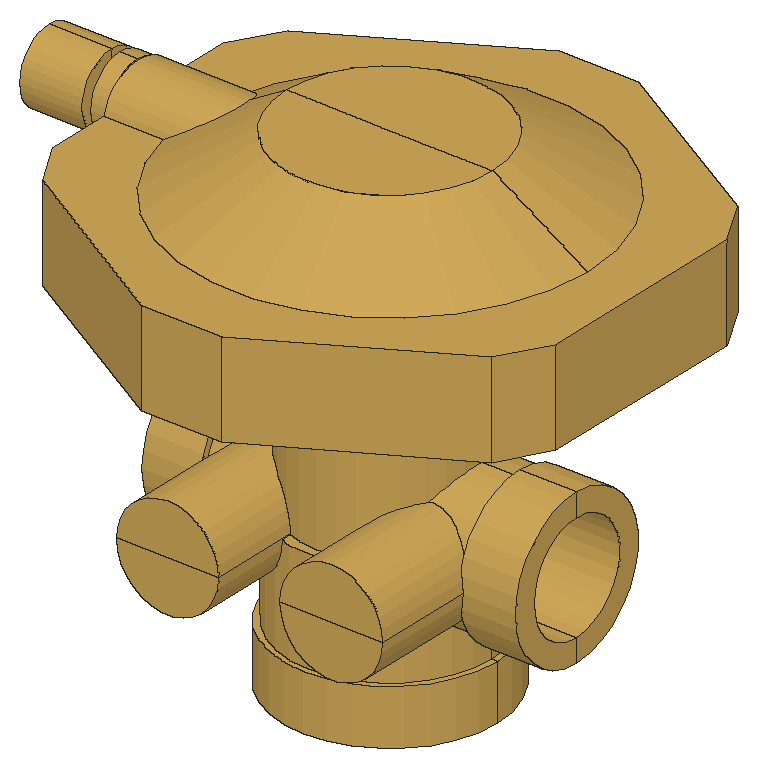
Revit family "Differenzdruckregler 4202 FIX TS 23kPa", category Rohrzubehör, Revit 2021
Family settings
  Bemaßung runder Anschluss = Durchmesser verwenden
  Teiletyp = Unterbricht
  OmniClass-Nummer = 23.65.55.14
  OmniClass-Titel = Valves for Liquid Services
  Arbeitsebenenbasiert = Nein
  Immer vertikal = Ja
  Beim Laden mit Abzugskörper schneiden = Nein
  Gemeinsam genutzt = Nein
Parameters (values of type "Ohne Dämmung")
  y2 [instance] = K14 + K9 + H01  # 49.149 mm
  y1 [instance] = (R03 * 2) + R05  # 66.000 mm
  Vorgabe-Ansicht = 0.000 mm
  Min. Betriebstemperatur (Frostschutz) = -20 °C  # constant formula
  Max. zulässige Betriebstemperatur bis DN32 = 130 °C  # constant formula
  Max. zulässige Betriebstemperatur DN40 - DN50 = 110 °C  # constant formula
  Max. Differenzdruck am Gehäuse = 400000.0 Pa  # constant formula
  Max. Betriebsdruck = 2500000.0 Pa  # constant formula
  Ventilschaft = "Edelstahl 14301"  # constant formula
  URL = "www.herz-armaturen.at"
  SCRNSEQ = "ARM;ARM_TYP=\"DIFR\";2"
  SCRNCODE = "05;03;4"  # constant formula
  S06 [instance] = 1.000 mm  # constant formula
  S05 [instance] = S01 - 1.000 mm  # 16.250 mm
  S04 [instance] = S02 - 1.000 mm  # 18.000 mm
  S03 [instance] = size_lookup("4202_FIX_TS_23", "S03", 26.500 mm, Nennweite)  # 25.600 mm
  S02 [instance] = size_lookup("4202_FIX_TS_23", "S02", 19.000 mm, Nennweite)  # 19.000 mm
  S01 [instance] = size_lookup("4202_FIX_TS_23", "S01", 17.250 mm, Nennweite)  # 17.250 mm
  Regleranschlussmutter = "Messing CW614N"  # constant formula
  Regelbereich = "FIX 23kPa"  # constant formula
  R06 [instance] = size_lookup("4202_FIX_TS_23", "R06", 14.500 mm, Nennweite)  # 14.500 mm
  R05 [instance] = size_lookup("4202_FIX_TS_23", "R05", 46.000 mm, Nennweite)  # 46.000 mm
  R04 [instance] = size_lookup("4202_FIX_TS_23", "R04", 12.500 mm, Nennweite)  # 12.500 mm
  R03 [instance] = size_lookup("4202_FIX_TS_23", "R03", 10.000 mm, Nennweite)  # 10.000 mm
  R02 = 14.500 mm  # constant formula
  R01 [instance] = size_lookup("4202_FIX_TS_23", "R01", 12.500 mm, Nennweite)  # 12.500 mm
  Min. Betriebstemperatur (reines Wasser) = 2 °C  # constant formula
  O-Ringe = "EPDM"  # constant formula
  Nennweite [instance] = 15.000 mm
  Membrangehäuse = "Messing CW602N"  # constant formula
  Membrane = "EPDM"  # constant formula
  Medium = "Wasserbeschaffenheit nach ÖNORM H 5195 und VDI 2035\r\nDie Verwendung von Ethylen- und Propylenglykol ist im\r\nMischungsverhältnis 25 - 50 Vol.-% zulässig."
  L2 [instance] = size_lookup("4202_FIX_TS_23", "L2", 161.000 mm, Nennweite)  # 161.000 mm
  L [instance] = size_lookup("4202_FIX_TS_23", "L", 66.000 mm, Nennweite)  # 66.000 mm
  K9 = 4.000 mm  # constant formula
  K8 = 55.000 mm  # constant formula
  K7 = 8.700 mm  # constant formula
  K6 = 11.700 mm  # constant formula
  K5 = 13.000 mm  # constant formula
  K4 = 12.000 mm  # constant formula
  K3 = 15.000 mm  # constant formula
  K2 = 2.350 mm  # constant formula
  K18 = 89.000 mm  # constant formula
  K17 = 66.700 mm  # constant formula
  K16 = 3.000 mm  # constant formula
  K15 = 26.649 mm  # constant formula
  K14 = 16.649 mm  # constant formula
  K13 = 16.649 mm  # constant formula
  K12 = 10.000 mm  # constant formula
  K11 = 35.000 mm  # constant formula
  K10 = 18.250 mm  # constant formula
  K1.1 = 2.350 mm  # constant formula
  K1 = 7.651 mm  # constant formula
  J9 = 15.700 mm  # constant formula
  J8 = 7.850 mm  # constant formula
  J7 = 15.897 mm  # constant formula
  J6 = 3.900 mm  # constant formula
  J5 = 6.500 mm  # constant formula
  J4 = 1.500 mm  # constant formula
  J3 = 3.200 mm  # constant formula
  J2 = 11.000 mm  # constant formula
  J11 = 3.500 mm  # constant formula
  J10 = 18.897 mm  # constant formula
  J1 = 6.500 mm  # constant formula
  Hersteller = "HERZ-Armaturen Ges.m.b.H"  # constant formula
  H2 [instance] = size_lookup("4202_FIX_TS_23", "H2", 28.000 mm, Nennweite)  # 28.000 mm
  H1 [instance] = K1 + K2 + K3 + K4 + K5 + K7 + K8 + K16 + 16.650 mm  # 133.351 mm
  H04 = 4.000 mm  # constant formula
  H03 = 9.800 mm  # constant formula
  H02 [instance] = size_lookup("4202_FIX_TS_23", "H02", 53.000 mm, Nennweite)  # 53.000 mm
  H01 [instance] = size_lookup("4202_FIX_TS_23", "H01", 25.000 mm, Nennweite)  # 28.500 mm
  Gehäuse = "DZR Messing CC770S"  # constant formula
  G03 [instance] = size_lookup("4202_FIX_TS_23", "G03", 13.200 mm, Nennweite)  # 13.200 mm
  G02 [instance] = size_lookup("4202_FIX_TS_23", "G02", 9.500 mm, Nennweite)  # 9.500 mm
  G01 [instance] = size_lookup("4202_FIX_TS_23", "G01", 13.500 mm, Nennweite)  # 13.500 mm
  Hinweise zum Material = "Gemäß Art 33 der REACH-Verordnung (EG Nr. 1907/2006) sind wir verpflichtet, darauf hinzuweisen,\r\ndass der Stoff Blei auf der SVHC-Liste geführt wird und dass alle aus Messing bestehenden Bauteile,\r\ndie in unseren Erzeugnissen verarbeitet sind, mehr als 0,1 % (w/w) Blei (CAS: 7439-92-1 / EINECS:\r\n231-100-4) enthalten. Da Blei als Legierungsbestandteil fest gebunden ist, sind keine Expositionen zu\r\nerwarten und daher sind keine zusätzlichen Angaben zur sicheren Verwendung notwendig.\r\n\r\nIm Hanf enthaltenes Ammoniak schädigt\r\nMessingventilgehäuse, EPDM Dichtungen werden durch\r\nMineralöle bzw. mineralölhaltige Schmierstoffe aufgequollen\r\nund führen somit zum Ausfall der EPDM-Dichtungen. Für\r\nFrost- und Korrosionsschutzmittel auf der Basis von Ethylen- und Propylenglykol sind die entsprechenden\r\nAngaben den Unterlagen des Herstellers zu entnehmen."
  Dämmung = no
  Dämmschale = "EPP (expandiertes Polypropylen)"  # constant formula
  Druckfeder = "Federstahl, rost-und säurebeständig"  # constant formula
  DN50 [instance] = Nennweite = 50.000 mm  # no
  DN40 [instance] = Nennweite = 40.000 mm  # no
  DN32-40 [instance] = or(Nennweite = 32.000 mm, Nennweite = 40.000 mm)  # no
  DN32 [instance] = Nennweite = 32.000 mm  # no
  DN25,32,40 [instance] = or(Nennweite = 25.000 mm, Nennweite = 32.000 mm, Nennweite = 40.000 mm)  # no
  DN25 [instance] = Nennweite = 25.000 mm  # no
  DN20 [instance] = Nennweite = 20.000 mm  # no
  DN15-25 [instance] = or(Nennweite = 15.000 mm, Nennweite = 20.000 mm, Nennweite = 25.000 mm)  # yes
  DN15,20,50 [instance] = or(Nennweite = 15.000 mm, Nennweite = 20.000 mm, Nennweite = 50.000 mm)  # yes
  DN15 [instance] = Nennweite = 15.000 mm  # yes
  D07 [instance] = if(Nennweite = 15.000 mm, 32.500 mm, if(Nennweite = 20.000 mm, 33.500 mm, if(Nennweite = 25.000 mm, 33.500 mm, if(Nennweite = 32.000 mm, 49.500 mm, if(Nennweite = 40.000 mm, 59.500 mm, if(Nennweite = 50.000 mm, 59.500 mm, 0.000 mm))))))  # 32.500 mm
  D06 [instance] = if(Nennweite = 15.000 mm, 32.500 mm, if(Nennweite = 20.000 mm, 33.500 mm, if(Nennweite = 25.000 mm, 33.500 mm, if(Nennweite = 32.000 mm, 49.500 mm, if(Nennweite = 40.000 mm, 59.500 mm, if(Nennweite = 50.000 mm, 59.500 mm, 0.000 mm))))))  # 32.500 mm
  D05 [instance] = if(Nennweite = 15.000 mm, 36.750 mm, if(Nennweite = 20.000 mm, 40.700 mm, if(Nennweite = 25.000 mm, 49.200 mm, if(Nennweite = 32.000 mm, 54.150 mm, if(Nennweite = 40.000 mm, 60.750 mm, if(Nennweite = 50.000 mm, 72.700 mm, 0.000 mm))))))  # 36.750 mm
  D04 [instance] = if(Nennweite = 15.000 mm, 78.500 mm, if(Nennweite = 20.000 mm, 82.000 mm, if(Nennweite = 25.000 mm, 84.000 mm, if(Nennweite = 32.000 mm, 120.000 mm, if(Nennweite = 40.000 mm, 130.000 mm, if(Nennweite = 50.000 mm, 130.500 mm, 0.000 mm))))))  # 78.500 mm
  D03 [instance] = if(Nennweite = 15.000 mm, 96.000 mm, if(Nennweite = 20.000 mm, 110.000 mm, if(Nennweite = 25.000 mm, 112.000 mm, if(Nennweite = 32.000 mm, 152.000 mm, if(Nennweite = 40.000 mm, 170.000 mm, if(Nennweite = 50.000 mm, 179.000 mm, 0.000 mm))))))  # 96.000 mm
  D02 [instance] = size_lookup("4202_FIX_TS_23", "R05", 41.000 mm, Nennweite)  # 46.000 mm
  D01 [instance] = size_lookup("4202_FIX_TS_23", "G01", 13.220 mm, Nennweite)  # 13.500 mm
  Bestellnummer Dämmung [instance] = if(and(Dämmung, Nennweite = 15.000 mm), 1409611, if(and(Dämmung, Nennweite = 20.000 mm), 1409612, if(and(Dämmung, Nennweite = 25.000 mm), 1409613, if(and(Dämmung, Nennweite = 32.000 mm), 1409614, if(and(Dämmung, Nennweite = 40.000 mm), 1409615, if(and(Dämmung, Nennweite = 50.000 mm), 1409616, 0))))))  # 0
  Bestellnummer [instance] = if(Nennweite = 15.000 mm, 1420281, if(Nennweite = 20.000 mm, 1420282, if(Nennweite = 25.000 mm, 1420283, if(Nennweite = 32.000 mm, 1420284, if(Nennweite = 40.000 mm, 1420285, if(Nennweite = 50.000 mm, 1420286, 0))))))  # 1420281
  B2 [instance] = size_lookup("4202_FIX_TS_23", "B2", 31.000 mm, Nennweite)  # 31.000 mm
  B1 [instance] = size_lookup("4202_FIX_TS_23", "B1", 26.000 mm, Nennweite)  # 26.000 mm
  B04 = 100.649 mm  # constant formula
  B03 = 44.500 mm  # constant formula
  B02 = 104.688 mm  # constant formula
  B01 = 10.000 mm  # constant formula
  Anwendungsgebiet = "Der Differenzdruckregler ist ein Regler mit linearer Kennlinie in Geradsitzausführung und arbeitet ohne Hilfsenergie. Der Differenzdruck-Sollwert beträgt 23 kPa, 50 kPa bzw 13 kPa. Im Lieferumfang enthalten ist die Impulsleitung (1000 mm), diese ist mit einem Strangregulierventil im Vorlauf zu verbinden."
  Anschlussnippel = "Messing CW602N"  # constant formula
  Anschlussgewinde für Antrieb = "Messing CW602N"  # constant formula
Types (2, lengths in mm): name | Dämmung | Bestellnummer Dämmung
  Ohne Dämmung | no | 0
  Mit Dämmung | yes | 1409611
Reference planes
  plane 1 "Mitte (Vorne/hinten)": y = 0
  plane 2: z = 0
  plane 3 "Mitte (Links/rechts)": x = 0
Forms (mm)
  Revolve 1, solid, material "Messing, weicher Gelbton, geschweißt", detail levels fine
    sketch origin (0, 0, 0) x (1, 0, 0) y (0, 0, 1)
      loop
        line (-19.8, 0) -> (19.8, 0) -> (19.8, 9.5) -> (33, 9.5) -> (33, 13.5) -> (23, 13.5) -> (23, 12.5) -> (-23, 12.5) -> (-23, 13.5) -> (-33, 13.5) -> (-33, 9.5) -> (-19.8, 9.5) -> (-19.8, 0)
      axis (-33, 0) -> (33, 0)
    angle from 0 to 360
  Revolve 2, solid, material "Messing, weicher Gelbton, geschweißt", detail levels fine
    sketch origin (0, 0, 0) x (1, 0, 0) y (0, 0, 1)
      loop
        line (0, -28) -> (0, 0) -> (-18, 0) -> (-18, -18.2) -> (-19, -18.2) -> (-19, -28) -> (0, -28)
      axis (0, 0) -> (0, -28)
    angle from 0 to 360
  Extrusion 3, solid, material "Messing, weicher Gelbton, geschweißt", detail levels fine
    sketch origin (0, 0, 0) x (0, -1, 0) y (1, 0, 0)
      loop
        line (-46, -7.038) -> (-27.114, -39.75) -> (-18.886, -44.5) -> (18.886, -44.5) -> (27.114, -39.75) -> (46, -7.038) -> (46, 7.038) -> (27.114, 39.75) -> (18.886, 44.5) -> (-18.886, 44.5) -> (-27.114, 39.75) -> (-46, 7.038) -> (-46, -7.038)
    from 32.5 to 49.149
  Revolve 4, solid, material "Messing, weicher Gelbton, geschweißt", detail levels fine
    sketch origin (0, 0, -7.051) x (1, 0, 0) y (0, 0, 1)
      loop
        line (0, 56.2) -> (0, 66.2) -> (-18.25, 66.2) -> (-35, 56.2) -> (0, 56.2)
      axis (0, 66.2) -> (0, 56.2)
    angle from 0 to 360
  Revolve 5, solid, material "Messing, weicher Gelbton, geschweißt", visible <- "DN15-25", detail levels fine
    sketch origin (-11, 0, 0) x (1, 0, 0) y (0, 1, 0)
      loop
        line (-1.5, 26) -> (-9.2, 26) -> (-9.2, 0) -> (-1.5, 0) -> (-1.5, 26)
      axis (-1.5, 0) -> (-1.5, 26)
    angle from 0 to 360
  Revolve 6, solid, material "Messing, weicher Gelbton, geschweißt", detail levels fine
    sketch origin (-0.988, 0, -6.853) x (-1, 0, 0) y (0, 0, 1)
      loop
        line (43.5, 55.25) -> (59.2, 55.25) -> (59.2, 61.75) -> (48.2, 61.75) -> (48.2, 59.15) -> (46.7, 59.15) -> (46.7, 61.75) -> (43.5, 61.75) -> (43.5, 55.25)
      axis (43.5, 55.25) -> (59.2, 55.25)
    angle from 0 to 360
  Extrusion 7, solid, material "Messing, weicher Gelbton, geschweißt", detail levels fine
    sketch origin (0, 0, 0) x (0, 1, 0) y (0, 0, -1)
      loop
        line (7.85, -47.047) -> (7.85, -36) -> (-7.85, -36) -> (-7.85, -47.047)
        arc (-7.85, -47.047) -> (0, -54.897) -> (7.85, -47.047) r 7.85
    from 0 to 44.5
  Revolve 8, solid, material "Messing, weicher Gelbton, geschweißt", visible <- "DN15-25", detail levels fine
    sketch origin (-2, 0, 0) x (1, 0, 0) y (0, 1, 0)
      loop
        line (-12.5, 0) -> (-21.5, 0) -> (-21.5, -31) -> (-12.5, -31) -> (-12.5, 0)
      axis (-12.5, 0) -> (-12.5, -31)
    angle from 0 to 360
  Revolve 9, solid, material "Messing, weicher Gelbton, geschweißt", visible <- "DN15-25", detail levels fine
    sketch origin (2, 0, 0) x (1, 0, 0) y (0, 1, 0)
      loop
        line (12.5, 0) -> (12.5, -31) -> (21.6, -31) -> (21.6, 0) -> (12.5, 0)
      axis (12.5, 0) -> (12.5, -31)
    angle from 0 to 360
  Extrusion 10, solid, material "Messing, weicher Gelbton, geschweißt", visible <- "DN32", detail levels fine
    sketch origin (-31.5, 0, 0) x (1, 0, 0) y (0, 1, 0)
      loop
        circle (63, 0) r 6.578
      loop
        circle (63, 0) r 3.28
    from -47 to 0
  Extrusion 11, solid, material "Messing, weicher Gelbton, geschweißt", visible <- "DN32", detail levels fine
    sketch origin (31.5, 0, 0) x (-1, 0, 0) y (0, -1, 0)
      loop
        circle (63, 0) r 6.578
      loop
        circle (63, 0) r 3.28
    from -47 to 0
  Revolve 12, solid, material "Messing, weicher Gelbton, geschweißt", detail levels fine
    sketch origin (0, 0, 0) x (1, 0, 0) y (0, 0, 1)
      loop
        line (-16.25, 0) -> (0, 0) -> (0, 32.5) -> (-12.25, 32.5) -> (-12.25, 28.5) -> (-17.25, 28.5) -> (-17.25, 18.7) -> (-16.25, 18.7) -> (-16.25, 0)
      axis (0, 32.5) -> (0, 0)
    angle from 0 to 360
  Extrusion 13, solid, material "Messing, weicher Gelbton, geschweißt", visible <- "DN40", detail levels fine
    sketch origin (29.382, 0, 0) x (-1, 0, 0) y (0, -1, 0)
      loop
        circle (63, 0) r 6.578
      loop
        circle (63, 0) r 3.28
    from -58 to 0
  Extrusion 14, solid, material "Messing, weicher Gelbton, geschweißt", visible <- "DN40", detail levels fine
    sketch origin (-29.455, 0, 0) x (1, 0, 0) y (0, 1, 0)
      loop
        circle (63, 0) r 6.578
      loop
        circle (63, 0) r 3.28
    from -58 to 0
  Extrusion 15, solid, material "Messing, weicher Gelbton, geschweißt", visible <- "DN50", detail levels fine
    sketch origin (28.422, 0, 0) x (-1, 0, 0) y (0, -1, 0)
      loop
        circle (63, 0) r 6.578
      loop
        circle (63, 0) r 3.28
    from -58 to 0
  Extrusion 16, solid, material "Messing, weicher Gelbton, geschweißt", visible <- "DN50", detail levels fine
    sketch origin (-28.422, 0, 0) x (1, 0, 0) y (0, 1, 0)
      loop
        circle (63, 0) r 6.578
      loop
        circle (63, 0) r 3.28
    from -58 to 0
  Revolve 17, solid, material "Messing, weicher Gelbton, geschweißt", visible <- "DN32-40", detail levels fine
    sketch origin (-11, 0, 0) x (1, 0, 0) y (0, 1, 0)
      loop
        line (-1.5, -26) -> (-1.5, 0) -> (-9.2, 0) -> (-9.2, -26) -> (-1.5, -26)
      axis (-1.5, 0) -> (-1.5, -26)
    angle from 0 to 360
  Revolve 18, solid, material "Kunststoff-Anthrazit/Schwarz", visible <- "Dämmung"
    sketch origin (0, 0, 0) x (1, 0, 0) y (0, 0, 1)
      loop
        line (48, 32.5) -> (-48, 32.5) -> (-48, 13.5) -> (-23, 13.5) -> (-23, 0) -> (0, 0) -> (23, 0) -> (23, 13.5) -> (48, 13.5) -> (48, 32.5)
      axis (-48, 0) -> (48, 0)
    angle from 0 to 360
  Revolve 19, solid, material "Kunststoff-Anthrazit/Schwarz", visible <- "Dämmung"
    sketch origin (0, 0, 0) x (1, 0, 0) y (0, 0, 1)
      loop
        line (0, -46) -> (36.75, -46) -> (36.75, 32.5) -> (0, 32.5) -> (0, -46)
      axis (0, 32.5) -> (0, -46)
    angle from 0 to 360
Lines and regions (mm)
  model lines, detail levels coarse+medium
    curve 1: line (33, -13.5, 0) -> (33, 13.5, 0)
    curve 2: line (33, 13.5, 0) -> (-33, -13.5, 0)
    curve 3: line (-33, -13.5, 0) -> (-33, 13.5, 0)
    curve 4: line (-33, 13.5, 0) -> (33, -13.5, 0)
    curve 5: line (0, -18.5, 0) -> (0, -32.5, 0)
    curve 6: spline (-44.5, -40.824, 0) -> (-42.984, -38.67, 0) -> (-38.538, -36.662, 0) -> (-31.466, -34.938, 0) -> (-22.25, -33.615, 0) -> (-11.517, -32.784, 0) -> (0, -32.5, 0) -> (11.517, -32.784, 0) -> (22.25, -33.615, 0) -> (31.466, -34.938, 0) -> (38.538, -36.662, 0) -> (42.984, -38.67, 0) -> (44.5, -40.825, 0) -> (42.984, -42.979, 0) -> (38.538, -44.987, 0) -> (31.466, -46.711, 0) -> (22.25, -48.034, 0) -> (11.517, -48.865, 0) -> (0, -49.149, 0) -> (-11.517, -48.865, 0) -> (-22.25, -48.034, 0) -> (-31.466, -46.711, 0) -> (-38.538, -44.987, 0) -> (-42.984, -42.979, 0) -> (-44.5, -40.824, 0)
    curve 7: line (0, 0, 13.5) -> (0, 0, 32.5)
    curve 8: spline (-44.5, 0, 40.825) -> (-42.984, 0, 42.979) -> (-38.538, 0, 44.987) -> (-31.466, 0, 46.711) -> (-22.25, 0, 48.034) -> (-11.517, 0, 48.865) -> (0, 0, 49.149) -> (11.517, 0, 48.865) -> (22.25, 0, 48.034) -> (31.466, 0, 46.711) -> (38.538, 0, 44.987) -> (42.984, 0, 42.979) -> (44.5, 0, 40.824) -> (42.984, 0, 38.67) -> (38.538, 0, 36.662) -> (31.466, 0, 34.938) -> (22.25, 0, 33.615) -> (11.517, 0, 32.784) -> (0, 0, 32.5) -> (-11.517, 0, 32.784) -> (-22.25, 0, 33.615) -> (-31.466, 0, 34.938) -> (-38.538, 0, 36.662) -> (-42.984, 0, 38.67) -> (-44.5, 0, 40.825)
    curve 9: line (0, 0, 13.5) -> (16.5, 0, 6.75)
    curve 10: line (0, 0, 13.5) -> (-16.5, 0, 6.75)
    curve 11: line (0, -18.5, 0) -> (-6.483, -2.652, 0)
    curve 12: line (0, -18.5, 0) -> (6.483, -2.652, 0)
    curve 13: line (-33, 0, 13.5) -> (33, 0, -13.5)
    curve 14: line (33, 0, -13.5) -> (33, 0, 13.5)
    curve 15: line (33, 0, 13.5) -> (-33, 0, -13.5)
    curve 16: line (-33, 0, -13.5) -> (-33, 0, 13.5)
Dimensions and locks
  "G01": Revolve 1 sketch curve to Revolve 1 sketch curve  (x2)
  "R01": Revolve 1 sketch curve to Revolve 1 sketch curve
  "R03": Revolve 1 sketch curve to Revolve 1 sketch curve  (x2)
  "K10": Revolve 4 sketch curve to Revolve 4 sketch curve
  "K11": Revolve 4 sketch curve to Revolve 4 sketch curve
  "B1": Revolve 5 sketch curve to Revolve 5 sketch curve
  "J1": Revolve 6 sketch curve to Revolve 6 sketch curve
  "J3": Revolve 6 sketch curve to Revolve 6 sketch curve
  "J4": Revolve 6 sketch curve to Revolve 6 sketch curve
  "J2": Revolve 6 sketch curve to Revolve 6 sketch curve
  "J5": Revolve 6 sketch curve to Revolve 6 sketch curve
  "J6": Revolve 6 sketch curve to Revolve 6 sketch curve
  "H2": plane 2 to Revolve 2 sketch curve
  "H03": Revolve 2 sketch curve to Revolve 2 sketch curve
  "S02": plane 3 "Mitte (Links/rechts)" to Revolve 2 sketch curve
  "B02": Revolve 6 to Extrusion 3
  "B03": Extrusion 3 to plane 3 "Mitte (Links/rechts)"
  "R04": Revolve 5 sketch curve to plane 3 "Mitte (Links/rechts)"
  "K12": Revolve 4 sketch curve to Revolve 4 sketch curve
  "K13": Revolve 4 sketch curve to Extrusion 3
  "K14": Extrusion 3 to Extrusion 3
  "R05": Revolve 1 sketch curve to Revolve 1 sketch curve
  equal spacing: Revolve 1 sketch curve, plane 3 "Mitte (Links/rechts)", Revolve 1 sketch curve
  "B2": plane 1 "Mitte (Vorne/hinten)" to Revolve 8 sketch curve
  "B2": Revolve 9 sketch curve to plane 1 "Mitte (Vorne/hinten)"
  "R06": Revolve 8 sketch curve to plane 3 "Mitte (Links/rechts)"
  "R06": plane 3 "Mitte (Links/rechts)" to Revolve 9 sketch curve
  "S01": Revolve 12 sketch curve to plane 3 "Mitte (Links/rechts)"
  "S05": plane 3 "Mitte (Links/rechts)" to Revolve 12 sketch curve
  "H04": Revolve 12 sketch curve to Revolve 12 sketch curve
  "H03": Revolve 12 sketch curve to Revolve 12 sketch curve
  "H01": Revolve 12 sketch curve to plane 2
  "K9": Extrusion 3 to Revolve 12
  "S06": Revolve 2 sketch curve to Revolve 2 sketch curve
  "J7": Revolve 6 sketch curve to Extrusion 3
  "J9": Extrusion 7 sketch curve to Extrusion 7 sketch curve
  "J10": Revolve 6 to Extrusion 7 sketch curve
  "J11": Extrusion 7 sketch curve to Extrusion 3
  "K18": Extrusion 3 to Extrusion 3
  "K18": curve 8 to curve 8
  "G01": curve 10 to plane 2
  "K14": curve 8 to curve 8
  "y2": curve 8 to plane 2
  "G01": plane 1 "Mitte (Vorne/hinten)" to curve 4
  "G01": curve 3 to plane 1 "Mitte (Vorne/hinten)"
  equal spacing: curve 3, curve 8, curve 1
  equal spacing: curve 3, curve 12, curve 1
  "y1": curve 3 to curve 1
  "G01": plane 1 "Mitte (Vorne/hinten)" to curve 2
  "G01": curve 4 to plane 1 "Mitte (Vorne/hinten)"
  "K18": curve 6 to curve 6
  "K14": curve 6 to curve 6
  "y2": curve 6 to plane 1 "Mitte (Vorne/hinten)"
  "B1": Revolve 17 sketch curve to Revolve 17 sketch curve
  "R04": Revolve 17 sketch curve to plane 3 "Mitte (Links/rechts)"
  "G02": Revolve 1 sketch curve to plane 2  (x2)
  "G03": Revolve 1 sketch curve to Revolve 1 sketch curve  (x2)
  Revolve 1 sketch curve to Revolve 1 sketch curve = 66.000 mm
  equal spacing: curve 10, plane 3 "Mitte (Links/rechts)", curve 9
  "L": curve 14 to curve 16
  equal spacing: curve 14, curve 6, curve 16
  equal spacing: curve 14, curve 9, curve 10, curve 10, curve 16
  "G01": curve 16 to plane 2
  "G01": plane 2 to curve 16
  "G01": curve 15 to plane 2
  "G01": plane 2 to curve 14
  "D07": Revolve 18 sketch curve to plane 2
  "D01": Revolve 18 sketch curve to plane 2  (x2)
  "D03": Revolve 18 sketch curve to Revolve 18 sketch curve
  "D02": Revolve 18 sketch curve to Revolve 18 sketch curve
  equal spacing: Revolve 18 sketch curve, plane 3 "Mitte (Links/rechts)", Revolve 18 sketch curve  (x2)
  "D06": Revolve 19 sketch curve to plane 2
  "D05": Revolve 19 sketch curve to Revolve 19 sketch curve
  "D04": Revolve 19 sketch curve to Revolve 19 sketch curve
  "J8": radius of Extrusion 7 sketch curve
  aligned and locked: level to plane 2
Automatic sketch dimensions
  plane 3 "Mitte (Links/rechts)" to Extrusion 3 sketch curve = 7.038 mm  (x2)
  Extrusion 3 sketch curve to plane 1 "Mitte (Vorne/hinten)" = 46.000 mm
  Extrusion 3 sketch curve to plane 1 "Mitte (Vorne/hinten)" = 27.114 mm  (x2)
  Extrusion 3 sketch curve to Extrusion 3 sketch curve = 8.227 mm  (x4)
  plane 1 "Mitte (Vorne/hinten)" to Extrusion 3 sketch curve = 18.886 mm  (x2)
  Extrusion 3 sketch curve to Extrusion 3 sketch curve = 18.886 mm
  Extrusion 3 sketch curve to plane 3 "Mitte (Links/rechts)" = 7.038 mm  (x2)
  Extrusion 3 sketch curve to Extrusion 3 sketch curve = 32.712 mm  (x4)
  Extrusion 3 sketch curve to Extrusion 3 sketch curve = 4.750 mm  (x2)
  Extrusion 10 sketch curve to Extrusion 10 sketch curve = 0.000 mm  (x2)
  plane 1 "Mitte (Vorne/hinten)" to Extrusion 10 sketch curve = 0.000 mm
  plane 3 "Mitte (Links/rechts)" to Extrusion 10 sketch curve = 31.500 mm
  Extrusion 11 sketch curve to Extrusion 11 sketch curve = 0.000 mm  (x2)
  plane 1 "Mitte (Vorne/hinten)" to Extrusion 11 sketch curve = 0.000 mm
  plane 3 "Mitte (Links/rechts)" to Extrusion 11 sketch curve = 31.500 mm
  Extrusion 13 sketch curve to Extrusion 13 sketch curve = 0.000 mm  (x2)
  plane 1 "Mitte (Vorne/hinten)" to Extrusion 13 sketch curve = 0.000 mm
  plane 3 "Mitte (Links/rechts)" to Extrusion 13 sketch curve = 33.618 mm
  Extrusion 14 sketch curve to Extrusion 14 sketch curve = 0.000 mm  (x2)
  plane 1 "Mitte (Vorne/hinten)" to Extrusion 14 sketch curve = 0.000 mm
  plane 3 "Mitte (Links/rechts)" to Extrusion 14 sketch curve = 33.545 mm
  Extrusion 15 sketch curve to Extrusion 15 sketch curve = 0.000 mm  (x2)
  plane 1 "Mitte (Vorne/hinten)" to Extrusion 15 sketch curve = 0.000 mm
  plane 3 "Mitte (Links/rechts)" to Extrusion 15 sketch curve = 34.578 mm
  Extrusion 16 sketch curve to Extrusion 16 sketch curve = 0.000 mm  (x2)
  plane 1 "Mitte (Vorne/hinten)" to Extrusion 16 sketch curve = 0.000 mm
  plane 3 "Mitte (Links/rechts)" to Extrusion 16 sketch curve = 34.578 mm
  curve 8 to plane 3 "Mitte (Links/rechts)" = 0.000 mm
  curve 11 to plane 3 "Mitte (Links/rechts)" = 0.000 mm
  curve 6 to plane 3 "Mitte (Links/rechts)" = 0.000 mm
  curve 5 to curve 12 = 14.000 mm
  Revolve 1 sketch curve to level = 0.000 mm  (x2)
  Revolve 1 sketch curve to Revolve 1 sketch curve = 1473.530 mm
  Revolve 1 sketch curve to Revolve 1 sketch curve = 1806.148 mm
  Revolve 2 sketch curve to level = 0.000 mm
  Revolve 2 sketch curve to plane 3 "Mitte (Links/rechts)" = 0.000 mm  (x2)
  Revolve 2 sketch curve to Revolve 2 sketch curve = 1.000 mm
  Revolve 2 sketch curve to Revolve 2 sketch curve = 334.045 mm
  level to Revolve 2 sketch curve = 2218.015 mm
  Revolve 4 sketch curve to plane 3 "Mitte (Links/rechts)" = 0.000 mm  (x2)
  Revolve 4 sketch curve to level = 373.096 mm
  Revolve 4 sketch curve to Revolve 4 sketch curve = 2155.315 mm
  plane 1 "Mitte (Vorne/hinten)" to Revolve 5 sketch curve = 0.000 mm  (x2)
  Revolve 5 sketch curve to Revolve 5 sketch curve = 0.000 mm  (x2)
  Revolve 5 sketch curve to Revolve 5 sketch curve = 7.700 mm
  plane 3 "Mitte (Links/rechts)" to Revolve 6 sketch curve = 44.488 mm
  Revolve 6 sketch curve to Revolve 6 sketch curve = 0.000 mm  (x3)
  Extrusion 7 sketch curve to plane 1 "Mitte (Vorne/hinten)" = 0.000 mm
  Extrusion 7 sketch curve to Extrusion 7 sketch curve = 11.047 mm
  Extrusion 7 sketch curve to Extrusion 7 sketch curve = 0.000 mm
  plane 1 "Mitte (Vorne/hinten)" to Revolve 8 sketch curve = 0.000 mm  (x2)
  Revolve 8 sketch curve to Revolve 8 sketch curve = 9.000 mm
  Revolve 8 sketch curve to Revolve 8 sketch curve = 0.000 mm  (x2)
  plane 1 "Mitte (Vorne/hinten)" to Revolve 9 sketch curve = 0.000 mm  (x2)
  Revolve 9 sketch curve to Revolve 9 sketch curve = 9.100 mm
  Revolve 9 sketch curve to Revolve 9 sketch curve = 0.000 mm  (x2)
  Revolve 12 sketch curve to level = 0.000 mm  (x2)
  Revolve 12 sketch curve to plane 3 "Mitte (Links/rechts)" = 0.000 mm  (x2)
  Revolve 12 sketch curve to Revolve 12 sketch curve = 5.000 mm
  Revolve 12 sketch curve to Revolve 12 sketch curve = 0.000 mm
  plane 1 "Mitte (Vorne/hinten)" to Revolve 17 sketch curve = 0.000 mm  (x2)
  Revolve 17 sketch curve to Revolve 17 sketch curve = 7.700 mm
  Revolve 17 sketch curve to Revolve 17 sketch curve = 0.000 mm  (x2)
  Revolve 18 sketch curve to level = 0.000 mm  (x2)
  Revolve 18 sketch curve to plane 3 "Mitte (Links/rechts)" = 0.000 mm
  Revolve 18 sketch curve to Revolve 18 sketch curve = 0.000 mm  (x2)
  Revolve 19 sketch curve to plane 3 "Mitte (Links/rechts)" = 0.000 mm  (x2)
  Revolve 19 sketch curve to Revolve 19 sketch curve = 0.000 mm  (x2)
  radius of Extrusion 10 sketch curve = 6.578 mm
  radius of Extrusion 10 sketch curve = 3.280 mm
  radius of Extrusion 11 sketch curve = 6.578 mm
  radius of Extrusion 11 sketch curve = 3.280 mm
  radius of Extrusion 13 sketch curve = 6.578 mm
  radius of Extrusion 13 sketch curve = 3.280 mm
  radius of Extrusion 14 sketch curve = 6.578 mm
  radius of Extrusion 14 sketch curve = 3.280 mm
  radius of Extrusion 15 sketch curve = 6.578 mm
  radius of Extrusion 15 sketch curve = 3.280 mm
  radius of Extrusion 16 sketch curve = 6.578 mm
  radius of Extrusion 16 sketch curve = 3.280 mm
Nested families
  nested 1: "Herz-Logo-vorne" at (-0.018, 17.815, -12.904) x (0, -1, 0) z (0, 0, 1), type "Herz-Logo-vorne", detail levels fine
  nested 2: "Herz-Logo-vorne" at (-0.018, 24.058, 0) x (0, -1, 0) z (0, 0, 1), visible <- "DN32", type "Herz-Logo-vorne", detail levels fine
  nested 3: "Herz-Logo-vorne" at (-0.018, 33.471, 0) x (0, -1, 0) z (0, 0, 1), visible <- "DN50", type "Herz-Logo-vorne", detail levels fine
  nested 4: "Herz-Logo-vorne" at (-0.018, 26.482, 0) x (0, -1, 0) z (0, 0, 1), visible <- "DN40", type "Herz-Logo-vorne", detail levels fine
Connectors
  piping at (33, 0, 0), diameter 15, driven by "Nennweite"
    settings: on Revolve 1, index 1, connector inside diameter 609.6 mm, connector length 0.000 mm, flow factor 0, pipe flow 0.0 L/s, pressure drop 0.0 Pa, fitting loss kfactor 0, connector angle 0.00°, fixture units 0, engagement length 0.000 mm, angle of deflection 0.00°, flow configuration 0, flow direction 2, fitting loss method 0, system type 29, joint type 0, gender type 0, connector reference index -1, connector utility 0, adjustable connector no, is connector primary yes, connector description ""
  piping at (-33, 0, 0), diameter 15, driven by "Nennweite"
    settings: on Revolve 1, index 2, connector inside diameter 609.6 mm, connector length 0.000 mm, flow factor 0, pipe flow 0.0 L/s, pressure drop 0.0 Pa, fitting loss kfactor 0, connector angle 0.00°, fixture units 0, engagement length 0.000 mm, angle of deflection 0.00°, flow configuration 0, flow direction 1, fitting loss method 0, system type 7, joint type 0, gender type 0, connector reference index -1, connector utility 0, adjustable connector no, is connector primary no, connector description ""
Definition of nested family "Herz-Logo-vorne"
  Parameters (values of type "Herz-Logo-vorne")
    Default Elevation = 0.000 mm
  Reference planes
    plane 1 "Mitte (Vorne/hinten)": y = 0
    plane 2: z = 0
    plane 3 "Mitte (Links/rechts)": x = 0
  Forms (mm)
    Extrusion 1, solid
      sketch origin (0.732, -0.018, 0.017) x (0, -1, 0) y (0, 0, 1)
        loop
          line (-0.018, -4.517) -> (4.482, -4.517) -> (4.482, 4.483) -> (-4.518, 4.483) -> (-4.518, -4.517) -> (-0.018, -4.517)
        loop
          line (-0.05, -3.48) -> (3.482, -3.48) -> (3.482, 3.483) -> (-3.518, 3.483) -> (-3.518, -3.48) -> (-0.05, -3.48)
        loop
          arc (-0.018, 2.383) -> (-1.543, 3.287) -> (-3.067, 2.383) r 1.738
          arc (-3.067, 2.383) -> (-3.191, 1.899) -> (-3.067, 1.415) r 1.009
          line (-3.067, 1.415) -> (-0.018, -3.281) -> (3.032, 1.415)
          arc (3.032, 1.415) -> (3.156, 1.899) -> (3.032, 2.383) r 1.009
          arc (3.032, 2.383) -> (1.507, 3.287) -> (-0.018, 2.383) r 1.738
        loop
          arc (1.885, 1.272) -> (2.005, 1.675) -> (1.885, 2.079) r 0.74
          arc (1.885, 2.079) -> (1.265, 2.416) -> (0.644, 2.079) r 0.74
          line (0.644, 2.079) -> (-0.018, 0.97) -> (-0.679, 2.079)
          arc (-0.679, 2.079) -> (-1.3, 2.416) -> (-1.921, 2.079) r 0.74
          arc (-1.921, 2.079) -> (-2.04, 1.675) -> (-1.921, 1.272) r 0.74
          line (-1.921, 1.272) -> (-0.018, -1.658) -> (1.885, 1.272)
      from 0 to 1.5
  Dimensions and locks
    aligned and locked: level to plane 2
